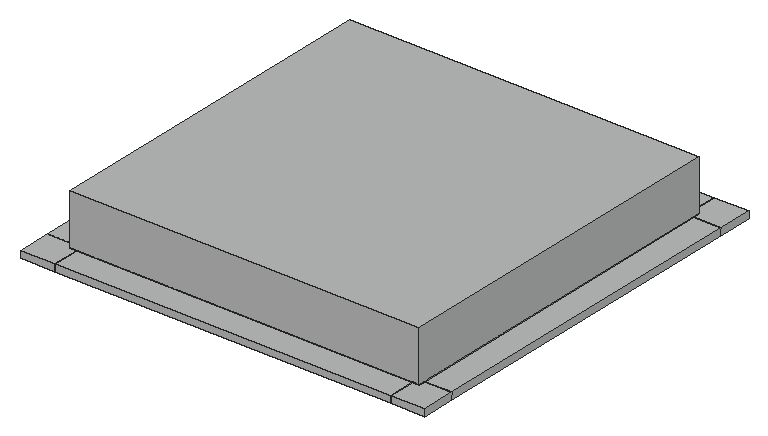
Revit family "ALUMOGIPS", category Осветительные приборы, Revit 2019 (continued)
Types (72, lengths in mm): name | Файл фотометрической сетки | built-in parameter 1150105 | Lumens | built-in parameter 1150106 | built-in parameter 1150142 | Wattage | Emit from Rectangle Width | Emit from Rectangle Length | Длина | Материал светильника | Ширина | ADSK_Ток | ADSK_Полная мощность | ADSK_Обозначение | ADSK_Номинальная мощность | ADSK_Наименование | ADSK_Масса | ADSK_Код изделия
    0.098 0.098 0.000 0.000 0.000 0.000 \r\n1417.637 1417.044 1413.295 1407.474 1398.890 1388.135 1374.815 1358.437 1340.184 1319.661 1296.869 1271.808 1244.971 1216.258 1185.673 1153.507 1120.158 1085.131 \r\n1048.823 1011.329 973.046 933.284 893.127 851.884 810.741 768.314 725.888 683.165 639.752 596.240 552.728 509.019 465.902 422.686 379.371 337.044 295.505 254.757 215.388 176.909 \r\n138.232 103.698 70.942 40.157 12.136 0.592 0.592 0.592 0.493 0.493 0.493 0.493 0.493 0.493 0.493 0.395 0.395 0.395 0.395 0.395 0.395 0.395 0.395 0.296 0.296 0.296 0.296 0.296 0.296 0.296 0.296 0.197 \r\n0.197 0.197 0.197 0.197 0.197 0.197 0.197 0.098 0.098 0.098 0.098 0.098 0.098 0.098 0.098 0.000 0.000 0.000 0.000 \r\n1417.637 1416.946 1413.197 1407.376 1398.693 1387.839 1374.520 1358.042 1339.789 1319.168 1296.376 1271.315 1244.477 1215.765 1185.179 1152.915 1119.566 1084.539 \r\n1048.230 1010.638 972.356 932.594 892.436 851.194 810.050 767.623 725.197 682.474 639.160 595.649 552.038 508.427 465.310 422.094 378.878 336.550 295.111 254.362 214.895 176.514 \r\n137.935 103.403 70.744 39.960 11.939 0.592 0.592 0.592 0.493 0.493 0.493 0.493 0.493 0.493 0.493 0.395 0.395 0.395 0.395 0.395 0.395 0.395 0.395 0.296 0.296 0.296 0.296 0.296 0.296 0.296 0.296 0.197 \r\n0.197 0.197 0.197 0.197 0.197 0.197 0.197 0.098 0.098 0.098 0.098 0.098 0.098 0.098 0.098 0.000 0.000 0.000 0.000 \r\n1417.637 1416.946 1413.098 1407.178 1398.495 1387.544 1374.223 1357.747 1339.395 1318.773 1295.882 1270.822 1243.886 1215.174 1184.587 1152.323 1118.974 1083.848 \r\n1047.540 1009.947 971.665 931.903 891.746 850.503 809.359 766.933 724.507 681.784 638.470 594.958 551.445 507.836 464.718 421.502 378.287 336.057 294.617 253.967 214.500 176.119 \r\n137.640 103.106 70.447 39.762 11.741 0.592 0.592 0.592 0.493 0.493 0.493 0.493 0.493 0.493 0.493 0.395 0.395 0.395 0.395 0.395 0.395 0.395 0.395 0.296 0.296 0.296 0.296 0.296 0.296 0.296 0.296 0.197 \r\n0.197 0.197 0.197 0.197 0.197 0.197 0.197 0.098 0.098 0.098 0.098 0.098 0.098 0.098 0.098 0.000 0.000 0.000 0.000 \r\n1417.637 1416.848 1412.999 1407.079 1398.298 1387.247 1373.829 1357.352 1339.000 1318.378 1295.488 1270.327 1243.392 1214.680 1183.995 1151.731 1118.283 1083.257 \r\n1046.849 1009.257 970.975 931.113 891.055 849.813 808.668 766.242 723.914 681.093 637.779 594.266 550.755 507.145 464.126 421.009 377.793 335.564 294.222 253.474 214.105 175.823 \r\n137.343 102.810 70.250 39.467 11.445 0.592 0.592 0.592 0.493 0.493 0.493 0.493 0.493 0.493 0.493 0.395 0.395 0.395 0.395 0.395 0.395 0.395 0.395 0.296 0.296 0.296 0.296 0.296 0.296 0.296 0.296 0.197 \r\n0.197 0.197 0.197 0.197 0.197 0.197 0.197 0.098 0.098 0.098 0.098 0.098 0.098 0.098 0.098 0.000 0.000 0.000 0.000 \r\n1417.637 1416.848 1412.901 1406.882 1398.002 1387.051 1373.533 1356.957 1338.605 1317.983 1294.994 1269.834 1242.899 1214.089 1183.403 1151.041 1117.692 1082.665 \r\n1046.257 1008.566 970.284 930.423 890.266 849.121 807.978 765.552 723.224 680.403 637.187 593.675 550.163 506.553 463.534 420.416 377.300 335.071 293.729 253.079 213.712 175.429 \r\n136.949 102.515 69.954 39.269 11.248 0.592 0.592 0.592 0.493 0.493 0.493 0.493 0.493 0.493 0.493 0.395 0.395 0.395 0.395 0.395 0.395 0.395 0.395 0.296 0.296 0.296 0.296 0.296 0.296 0.296 0.296 0.197 \r\n0.197 0.197 0.197 0.197 0.197 0.197 0.197 0.098 0.098 0.098 0.098 0.098 0.098 0.098 0.098 0.000 0.000 0.000 0.000 \r\n1417.637 1416.749 1412.802 1406.684 1397.805 1386.754 1373.237 1356.661 1338.210 1317.589 1294.599 1269.341 1242.406 1213.496 1182.811 1150.448 1117.099 1081.974 \r\n1045.566 1007.974 969.593 929.732 889.575 848.333 807.287 764.861 722.533 679.712 636.496 592.985 549.472 505.960 462.942 419.825 376.707 334.577 293.236 252.684 213.317 175.034 \r\n136.652 102.218 69.659 39.072 11.051 0.592 0.592 0.592 0.493 0.493 0.493 0.493 0.493 0.493 0.493 0.395 0.395 0.395 0.395 0.395 0.395 0.395 0.395 0.296 0.296 0.296 0.296 0.296 0.296 0.296 0.296 0.197 \r\n0.197 0.197 0.197 0.197 0.197 0.197 0.197 0.098 0.098 0.098 0.098 0.098 0.098 0.098 0.098 0.000 0.000 0.000 0.000 \r\n1417.637 1416.749 1412.704 1406.586 1397.607 1386.458 1372.941 1356.266 1337.815 1317.095 1294.106 1268.848 1241.813 1213.003 1182.219 1149.856 1116.409 1081.382 \r\n1044.876 1007.283 968.902 929.042 888.885 847.642 806.597 764.170 721.843 679.120 635.806 592.293 548.881 505.368 462.351 419.332 376.214 334.084 292.841 252.191 212.922 174.738 \r\n136.357 101.922 69.461 38.776 10.853 0.592 0.592 0.592 0.493 0.493 0.493 0.493 0.493 0.493 0.493 0.395 0.395 0.395 0.395 0.395 0.395 0.395 0.395 0.296 0.296 0.296 0.296 0.296 0.296 0.296 0.296 0.197 \r\n0.197 0.197 0.197 0.197 0.197 0.197 0.197 0.098 0.098 0.098 0.098 0.098 0.098 0.098 0.098 0.000 0.000 0.000 0.000 \r\n1417.637 1416.650 1412.604 1406.389 1397.311 1386.162 1372.546 1355.871 1337.421 1316.701 1293.613 1268.355 1241.320 1212.411 1181.627 1149.265 1115.816 1080.691 \r\n1044.284 1006.593 968.212 928.351 888.194 846.951 805.906 763.479 721.151 678.429 635.213 591.702 548.190 504.777 461.758 418.740 375.721 333.591 292.348 251.796 212.527 174.343 \r\n135.962 101.627 69.165 38.579 10.557 0.592 0.592 0.592 0.493 0.493 0.493 0.493 0.493 0.493 0.493 0.395 0.395 0.395 0.395 0.395 0.395 0.395 0.395 0.296 0.296 0.296 0.296 0.296 0.296 0.296 0.296 0.197 \r\n0.197 0.197 0.197 0.197 0.197 0.197 0.197 0.098 0.098 0.098 0.098 0.098 0.098 0.098 0.098 0.000 0.000 0.000 0.000 \r\n1417.637 1416.650 1412.506 1406.191 1397.114 1385.866 1372.250 1355.576 1337.027 1316.307 1293.218 1267.861 1240.827 1211.918 1181.035 1148.672 1115.225 1080.099 \r\n1043.593 1005.902 967.620 927.660 887.503 846.260 805.215 762.789 720.461 677.739 634.523 591.011 547.598 504.086 461.166 418.247 375.129 333.098 291.855 251.401 212.132 173.948 \r\n135.666 101.429 68.968 38.381 10.360 0.592 0.592 0.592 0.493 0.493 0.493 0.493 0.493 0.493 0.493 0.493 0.395 0.395 0.395 0.395 0.395 0.395 0.395 0.296 0.296 0.296 0.296 0.296 0.296 0.296 0.296 0.197 \r\n0.197 0.197 0.197 0.197 0.197 0.197 0.197 0.098 0.098 0.098 0.098 0.098 0.098 0.098 0.098 0.000 0.000 0.000 0.000 \r\n1417.637 1416.650 1412.407 1406.093 1396.917 1385.669 1371.954 1355.181 1336.632 1315.912 1292.725 1267.368 1240.334 1211.325 1180.443 1147.982 1114.633 1079.409 \r\n1042.903 1005.212 966.929 926.969 886.812 845.569 804.524 762.098 719.770 677.048 633.832 590.320 546.907 503.494 460.574 417.654 374.636 332.603 291.460 250.908 211.738 173.653 \r\n135.371 101.133 68.671 38.086 10.163 0.592 0.592 0.592 0.493 0.493 0.493 0.493 0.493 0.493 0.493 0.493 0.395 0.395 0.395 0.395 0.395 0.395 0.395 0.296 0.296 0.296 0.296 0.296 0.296 0.296 0.296 0.197 \r\n0.197 0.197 0.197 0.197 0.197 0.197 0.197 0.098 0.098 0.098 0.098 0.098 0.098 0.098 0.098 0.000 0.000 0.000 0.000 \r\n1417.637 1416.551 1412.309 1405.895 1396.621 1385.373 1371.559 1354.786 1336.237 1315.419 1292.232 1266.875 1239.742 1210.733 1179.851 1147.390 1113.942 1078.816 \r\n1042.310 1004.521 966.238 926.279 886.121 844.879 803.834 761.408 719.080 676.357 633.240 589.728 546.315 502.902 459.982 417.062 374.043 332.110 290.967 250.513 211.343 173.258 \r\n135.074 100.837 68.376 37.888 9.965 0.592 0.592 0.592 0.493 0.493 0.493 0.493 0.493 0.493 0.493 0.493 0.395 0.395 0.395 0.395 0.395 0.395 0.395 0.296 0.296 0.296 0.296 0.296 0.296 0.296 0.296 0.197 \r\n0.197 0.197 0.197 0.197 0.197 0.197 0.197 0.098 0.098 0.098 0.098 0.098 0.098 0.098 0.098 0.000 0.000 0.000 0.000 \r\n1417.637 1416.551 1412.111 1405.796 1396.423 1385.077 1371.264 1354.391 1335.842 1315.024 1291.837 1266.382 1239.248 1210.240 1179.259 1146.798 1113.350 1078.126 \r\n1041.620 1003.831 965.548 925.588 885.431 844.090 803.143 760.717 718.389 675.666 632.549 589.038 545.723 502.310 459.390 416.569 373.550 331.617 290.474 250.119 210.948 172.863 \r\n134.679 100.541 68.178 37.591 9.669 0.592 0.592 0.592 0.493 0.493 0.493 0.493 0.493 0.493 0.493 0.493 0.395 0.395 0.395 0.395 0.395 0.395 0.395 0.296 0.296 0.296 0.296 0.296 0.296 0.296 0.296 0.197 \r\n0.197 0.197 0.197 0.197 0.197 0.197 0.197 0.098 0.098 0.098 0.098 0.098 0.098 0.098 0.098 0.000 0.000 0.000 0.000 \r\n1417.637 1416.453 1412.013 1405.600 1396.226 1384.781 1370.968 1354.095 1335.448 1314.629 1291.344 1265.888 1238.754 1209.648 1178.667 1146.206 1112.758 1077.534 \r\n1040.929 1003.140 964.857 924.898 884.740 843.400 802.453 760.026 717.698 674.976 631.859 588.446 545.032 501.718 458.798 415.977 373.057 331.124 290.079 249.625 210.553 172.567 \r\n134.383 100.245 67.883 37.394 9.472 0.592 0.592 0.592 0.493 0.493 0.493 0.493 0.493 0.493 0.493 0.493 0.395 0.395 0.395 0.395 0.395 0.395 0.395 0.296 0.296 0.296 0.296 0.296 0.296 0.296 0.296 0.197 \r\n0.197 0.197 0.197 0.197 0.197 0.197 0.197 0.098 0.098 0.098 0.098 0.098 0.098 0.098 0.098 0.000 0.000 0.000 0.000 \r\n1417.637 1416.453 1411.914 1405.402 1395.930 1384.583 1370.671 1353.701 1335.053 1314.234 1290.850 1265.395 1238.261 1209.155 1178.075 1145.515 1112.067 1076.844 \r\n1040.239 1002.548 964.167 924.207 883.951 842.708 801.762 759.336 717.008 674.383 631.267 587.755 544.441 501.126 458.206 415.385 372.465 330.631 289.585 249.231 210.160 172.172 \r\n134.088 99.949 67.685 37.198 9.275 0.592 0.592 0.592 0.493 0.493 0.493 0.493 0.493 0.493 0.493 0.493 0.395 0.395 0.395 0.395 0.395 0.395 0.395 0.296 0.296 0.296 0.296 0.296 0.296 0.296 0.296 0.197 \r\n0.197 0.197 0.197 0.197 0.197 0.197 0.197 0.098 0.098 0.098 0.098 0.098 0.098 0.098 0.098 0.000 0.000 0.000 0.000 \r\n1417.637 1416.354 1411.816 1405.303 1395.733 1384.288 1370.276 1353.307 1334.658 1313.741 1290.456 1264.901 1237.669 1208.563 1177.582 1144.923 1111.476 1076.252 \r\n1039.646 1001.857 963.476 923.417 883.260 842.018 801.072 758.644 716.317 673.693 630.576 587.064 543.749 500.435 457.614 414.891 371.972 330.137 289.191 248.836 209.765 171.778 \r\n133.693 99.653 67.389 36.901 9.077 0.592 0.592 0.592 0.493 0.493 0.493 0.493 0.493 0.493 0.493 0.493 0.395 0.395 0.395 0.395 0.395 0.395 0.395 0.296 0.296 0.296 0.296 0.296 0.296 0.296 0.296 0.197 \r\n0.197 0.197 0.197 0.197 0.197 0.197 0.197 0.098 0.098 0.098 0.098 0.098 0.098 0.098 0.098 0.000 0.000 0.000 0.000 \r\n" | 25.582 W | 275 | 1175 | 1195 | RAL 9006 | 295 | 0.179584 A | 41.3043 VA | "Alumogips-38/opal-sand 295х1195 (IP54, 4000К, серый)" | 38 W | "Встраиваемый светодиодный светильник Alumogips-38/opal-sand 295х1195 (IP54, 4000К, серый)" | 2.5 | "ЦБ000007946"
